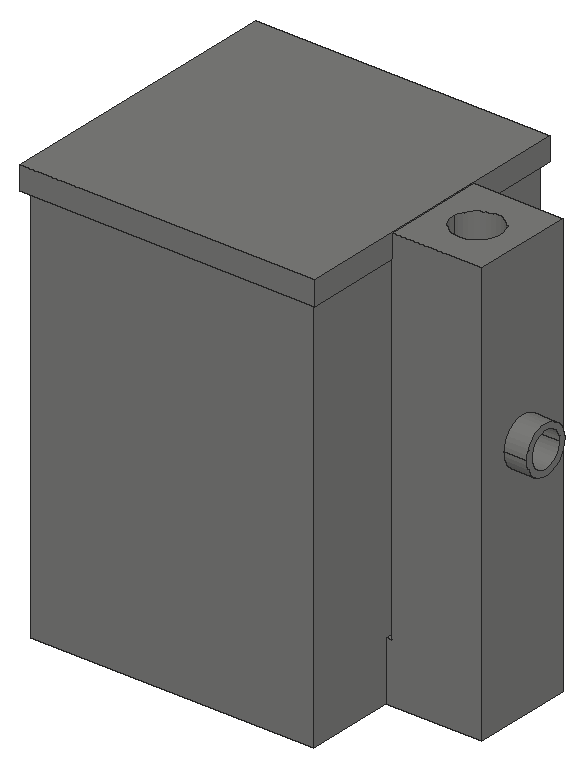
Revit family "Sediment_Oil_Interceptor-Jay_R_Smith-8925_Series", category Specialty Equipment, host Face, Revit 2021
Family settings
  Host = Face
  Round Connector Dimension = Use Diameter
  Part Type = Normal
  OmniClass Number = 23.70.50.11.14.11
  OmniClass Title = Oil-Water Separators
  Cut with Voids When Loaded = No
  Shared = No
  Room Calculation Point = No
Parameters (values of type "8925-12")
  URL = "https://www.jrsmith.com/"
  Type Comments = "This special purpose sediment/oil catch basin type interceptor is for use in applications such as car and truck wash areas where a small amount of petroleum product as well as sediment is expected to flow into the drain."  # constant formula
  Stainless Steel Body -SS = no
  Solid Heavy Duty Diamond Plate Cover(s) -SHD = no
  R = Outlet Radius - 1" / 4  # 3/4"
  Outlet Radius = [B - NPT Outlet] / 2  # 1"
  G - Dimension = 12 1/2"
  Ductile Iron Grate -M = no
  Anchor Flange -F = no
  K Dimension = 6"
  Product Page URL = "https://www.jrsmith.com/sediment-oil-interceptors-8925"
  Product Documentation Link = "https://www.jrsmith.com/uploads/fileLibrary/d8925.pdf?v=638984575189846213"
  Outlet Connection Diameter = [B - NPT Outlet]  # 2"
  Outlet Connection Description = "2\" Outlet Connection"
  Model = "8925-12"
  Material = "Steel-Jay R. Smith-Fabricated Duco Coating"  # constant formula
  Manufacturer = "Jay R. Smith"  # constant formula
  J Dimension = 9"
  Installation Type = "Floor Mounted"  # constant formula
  Inlet Connection Diameter = [A - NPT Inlet Connection]  # 2"
  Inlet Connection Description = "2\" Inlet Connection"
  Secured Grate = no
  H Dimension = 12 1/2"
  G - Body Width = 2"
  Finish = Steel-Jay R. Smith-Fabricated Duco Coating
  F Dimension = 17 5/16"
  Vandal Proof Grate -U = no
  E Dimension = 10 1/2"
  Flashing Flange and Clamp -F-C = no
  Description = "Sediment/Oil Interceptors"  # constant formula
  Default Elevation = 0"
  D Dimension = 13"
  Creation Date = "11/13/2025"  # constant formula
  Capacity = "12 lbs"
  C Dimension = 18"
  B - NPT Outlet = 2"
  Assembly Code = "D2090300"
  Acid Resistant Coating -ARC = no
  A - NPT Inlet Connection = 2"  # constant formula
  Oil Draw-Off Assembly = no
  Cleanout Diameter = 2"
Types (7): name | R | Outlet Radius | G - Dimension | K Dimension | Outlet Connection Diameter | Model | J Dimension | H Dimension | F Dimension | E Dimension | D Dimension | Capacity | C Dimension | B - NPT Outlet
  (no name) | 3/4" | 1" | 12 1/2" | 6" | 2" | "8925-12" | 9" | 12 1/2" | 17 5/16" | 10 1/2" | 13" | "12 lbs" | 18" | 2"
  8925-12 | 3/4" | 1" | 12 1/2" | 6" | 2" | "8925-12" | 9" | 12 1/2" | 17 5/16" | 10 1/2" | 13" | "12 lbs" | 18" | 2"
  8925-60 | 1 3/4" | 2" | 12 1/2" | 8" | 4" | "8925-60" | 19" | 24 1/2" | 29 1/2" | 18" | 20" | "60 lbs" | 26" | 4"
  8925-100 | 1 3/4" | 2" | 24 1/2" | 12" | 4" | "8925-100" | 19" | 24 1/2" | 29 1/2" | 22" | 27" | "100 lbs" | 34" | 4"
  8925-200 | 1 3/4" | 2" | 24 1/2" | 12" | 4" | "8925-200" | 27" | 36 1/2" | 41 1/2" | 22" | 27" | "200 lbs" | 34" | 4"
  8925-300 | 1 3/4" | 2" | 24 1/2" | 12" | 4" | "8925-300" | 27" | 48 1/2" | 53 1/2" | 22" | 27" | "300 lbs" | 34" | 4"
  8925-350 | 1 3/4" | 2" | 24 1/2" | 12" | 4" | "8925-350" | 39" | 60 1/2" | 65 1/2" | 22" | 27" | "350 lbs" | 34" | 4"
Reference planes (in)
  plane 1 "Center (Front/Back)": y = 0
  plane 2: z = 0
  plane 3 "Center (Left/Right)": x = 0
  plane 4: z = 0
  plane 5: y = 6.25
  plane 6: y = -6.25
  plane 7: z = 18
  plane 8: x = -6.25
  plane 9: x = 6.25
  plane 10: x = 11.0625
  plane 11: z = 10.5
  plane 12: y = -1
  plane 13: y = 1
  plane 14: x = 8.15625
  plane 15: x = 7.15625
  plane 16: x = 9.15625
  plane 17: z = 13
  plane 18: z = 14
  plane 19: z = 12
  plane 20: z = 9.5
  plane 21: z = 11.5
  plane 22: y = -1
  plane 23: y = 1
  plane 24: x = 10.0625
  plane 25: x = -7.25
Forms (in)
  Extrusion 1, solid, material "Steel-Jay R. Smith-Fabricated Duco Coating" <- "Finish"
    sketch origin (0, 0, 0) x (1, 0, 0) y (0, 0, 1)
      loop
        line (6.25, 18) -> (6.25, 2.53335) -> (6, 2.53335) -> (6, 0) -> (10.0625, 0) -> (10.0625, 18) -> (6.25, 18)
    from -2.13475 to 2.13475
  Extrusion 2, void
    sketch origin (0, 0, 0) x (1, 0, 0) y (0, 1, 0)
      loop
        circle (8.15625, 0) r 1
    from 11.5 to 18
  Extrusion 3, solid, material "Steel-Jay R. Smith-Fabricated Duco Coating" <- "Finish"
    sketch origin (0, 0, 0) x (0, 1, 0) y (0, 0, 1)
      loop
        circle (0, 13) r 1
      loop
        circle (0, 13) r 0.75
    from -7.25 to -6
  Extrusion 4, solid, material "Steel-Jay R. Smith-Fabricated Duco Coating" <- "Finish"
    sketch origin (0, 0, -2.5) x (0, 1, 0) y (0, 0, 1)
      loop
        circle (0, 13) r 1
      loop
        circle (0, 13) r 0.75
    from 10.0625 to 11.0625
  Sweep 5, solid, material "Steel-Jay R. Smith-Fabricated Duco Coating" <- "Finish"
    path origin (0, 0, 0) x (1, 0, 0) y (0, 1, 0)
      loop
        line (-6.25, 6.25) -> (-6.25, -6.25) -> (6.25, -6.25) -> (6.25, 6.25) -> (-6.25, 6.25)
    profile origin (-6.25, 0, 0) x (1, 0, 0) y (0, 0, 1)
      loop
        line (0, 18) -> (0, 17) -> (0.25, 17) -> (0.25, 0) -> (1.25, 0) -> (1.25, 18) -> (0, 18)
  Extrusion 6, solid, material "Steel-Jay R. Smith-Fabricated Duco Coating" <- "Finish"
    sketch origin (0, 0, 0) x (1, 0, 0) y (0, 1, 0)
      loop
        line (-5, 5) -> (-5, -5) -> (5, -5) -> (5, 5) -> (-5, 5)
    from 0 to 1
  Extrusion 7, solid, material "Steel-Jay R. Smith-Fabricated Duco Coating" <- "Finish"
    sketch origin (0, 0, 0) x (1, 0, 0) y (0, 1, 0)
      loop
        line (-5, 5) -> (-5, -5) -> (5, -5) -> (5, 5) -> (-5, 5)
    from 17 to 18
Cuts and joins
  Extrusion 2 cuts Extrusion 1
  joined: Sweep 5, Extrusion 6, Extrusion 7
Dimensions and locks (in)
  equal spacing: plane 5, plane 1 "Center (Front/Back)", plane 6
  "G - Dimension": plane 5 to plane 6
  "C Dimension": plane 7 to host face
  equal spacing: plane 8, plane 3 "Center (Left/Right)", plane 9
  "H Dimension": plane 8 to plane 9
  plane 9 to plane 8 = 12 1/2"
  "F Dimension": plane 8 to plane 10
  plane 10 to plane 8 = 17 5/16"
  "E Dimension": plane 11 to plane 4
  plane 7 to level = 18"  (x2)
  plane 6 to plane 5 = 12 1/2"
  equal spacing: plane 15, plane 14, plane 16, locked at 1 each
  "Cleanout Diameter": plane 15 to plane 16
  equal spacing: plane 18, plane 17, plane 19, locked at 1 each
  "A - NPT Inlet Connection": plane 18 to plane 19
  "D Dimension": plane 17 to plane 2
  plane 5 to plane 6 = 12 1/2"
  plane 17 to level = 13"
  plane 19 to plane 18 = 2"
  equal spacing: plane 21, plane 11, plane 20
  "B - NPT Outlet": plane 21 to plane 20
  plane 11 to plane 4 = 10 1/2"
  "A - NPT Inlet Connection": plane 13 to plane 12
  equal spacing: plane 22, plane 1 "Center (Front/Back)", plane 23
  "B - NPT Outlet": plane 22 to plane 23
  locked: plane 24 to plane 10 at 1
  locked: plane 8 to plane 25 at 1
  equal spacing: plane 9, plane 14, plane 24
  plane 11 to plane 20 = 1"
  locked: plane 7 to Sweep 5 sketch curve at 1
  locked: Sweep 5 sketch curve to plane 8 at 0.25
  locked: Sweep 5 sketch curve to Sweep 5 sketch curve at 1
  "Outlet Radius": radius of Extrusion 4 sketch curve
  "R": radius of Extrusion 4 sketch curve
  aligned and locked: host face to plane 2
  aligned and locked: host face to level
  aligned and locked: Extrusion 1 sketch curve to plane 9
  aligned and locked: plane 7 to Extrusion 1 sketch curve
  aligned and locked: host face to Extrusion 1 sketch curve
  aligned and locked: plane 14 to Extrusion 2 sketch curve
  aligned and locked: plane 1 "Center (Front/Back)" to Extrusion 2 sketch curve
  aligned and locked: plane 7 to Extrusion 2
  aligned and locked: plane 1 "Center (Front/Back)" to Extrusion 3 sketch curve  (x2)
  aligned and locked: plane 17 to Extrusion 3 sketch curve  (x2)
  aligned and locked: plane 2 to plane 4
  aligned and locked: Extrusion 2 to plane 21
  aligned and locked: cut or joined group of Extrusion 1, Extrusion 2 to plane 24  (x2)
  aligned and locked: Extrusion 4 to plane 24
  aligned and locked: Extrusion 4 to plane 10
  aligned and locked: plane 11 to Extrusion 4 sketch curve
  aligned and locked: plane 1 "Center (Front/Back)" to Extrusion 4 sketch curve
  aligned and locked: cut or joined group of Extrusion 1, Extrusion 2 to plane 9
  aligned and locked: Extrusion 3 to plane 25
  aligned and locked: Sweep 5 sketch curve to plane 8  (x2)
  aligned and locked: Sweep 5 sketch curve to plane 6
  aligned and locked: Sweep 5 sketch curve to plane 5
  aligned and locked: Sweep 5 sketch curve to plane 9
  aligned and locked: plane 7 to Sweep 5 sketch curve
  aligned and locked: plane 2 to Sweep 5 sketch curve
  aligned and locked: Extrusion 1 sketch curve to Sweep 5
  aligned and locked: Extrusion 3 to Sweep 5
  aligned and locked: Extrusion 6 sketch curve to Sweep 5  (x4)
  aligned and locked: Extrusion 7 sketch curve to cut or joined group of Sweep 5, Extrusion 6, Extrusion 7  (x4)
  aligned and locked: plane 7 to Extrusion 7
  aligned and locked: cut or joined group of Sweep 5, Extrusion 6, Extrusion 7 to Extrusion 7
Automatic sketch dimensions
  host sketch curve to host sketch curve = 165.00108"
  host sketch curve to host sketch curve = 120"
  level to Extrusion 1 sketch curve = 2.53335"
  Extrusion 1 sketch curve to plane 16 = 29/32"
  Extrusion 4 sketch curve to Extrusion 4 sketch curve = 0"  (x2)
  radius of Extrusion 2 sketch curve = 1"
  radius of Extrusion 3 sketch curve = 1"
  radius of Extrusion 3 sketch curve = 3/4"
Connectors (in)
  piping at (11.0625, 0, 10.5), diameter 2, driven by "Outlet Connection Diameter", driven by "Outlet Connection Description"
    settings: on Extrusion 4, index 1, connector inside diameter 24", connector length 0", flow factor 0, pipe flow 0 GPM, pressure drop 0.00 psi, fitting loss kfactor 0, connector angle 0.00°, fixture units 0, engagement length 0", angle of deflection 0.00°, flow configuration 0, flow direction 2, fitting loss method 0, system type 29, joint type 0, gender type 0, connector reference index -1, connector utility 0, adjustable connector no, is connector primary yes, connector description "2\" Outlet Connection"
  piping at (-7.25, 0, 13), diameter 2, driven by "Inlet Connection Diameter", driven by "Inlet Connection Description"
    settings: on Extrusion 3, index 2, connector inside diameter 24", connector length 0", flow factor 0, pipe flow 0 GPM, pressure drop 0.00 psi, fitting loss kfactor 0, connector angle 0.00°, fixture units 0, engagement length 0", angle of deflection 0.00°, flow configuration 0, flow direction 1, fitting loss method 0, system type 29, joint type 0, gender type 0, connector reference index -1, connector utility 0, adjustable connector no, is connector primary no, connector description "2\" Inlet Connection"
  piping at (8.15625, 0, 18), diameter 2, driven by "Cleanout Diameter"
    settings: on cut or joined group of Extrusion 1, Extrusion 2, index 3, connector inside diameter 24", connector length 0", flow factor 0, pipe flow 0 GPM, pressure drop 0.00 psi, fitting loss kfactor 0, connector angle 0.00°, fixture units 0, engagement length 0", angle of deflection 0.00°, flow configuration 0, flow direction 2, fitting loss method 0, system type 16, joint type 0, gender type 0, connector reference index -1, connector utility 0, adjustable connector no, is connector primary no, connector description "2\" Cleanout Connection"
